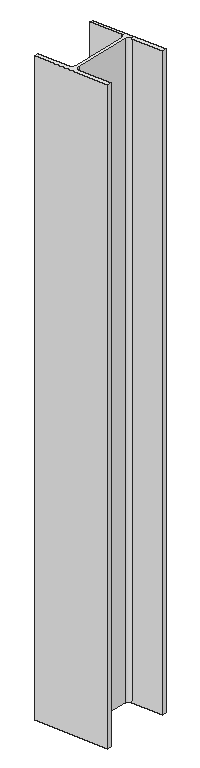
Revit family "HP-내력 파일-기둥", category 구조 기둥, Revit 2026
Family settings
  단면 모양 = 정의되지 않음
  모델 동작 재료 = 스틸
  항상 형상으로 내보내기 = 아니오
  평면의 보 전환 = 경계 상자에서
  로드될 때 보이드를 사용하여 절단 = 아니오
  기호 표현 = 프로젝트 설정에서
  공유 = 아니오
  평면도에서 미리 절단된 패밀리 표시 = 예
Parameters (values of type "HP310x93")
  Assembly Code = ""
  Structural Material [instance] = 금속 - 스틸 - 345 MPa
  A = 0.012 m²
  W = 0.919
  bf = 308 mm
  d = 303 mm
  k = 30 mm
  kr = k - tf  # 16.9 mm
  tf = 13.1 mm
  tw = 13.1 mm
Types (2, lengths in mm): name | A | W | bf | d | k | kr | tf | tw
  HP310x93 | 0.012 m² | 0.919 | 308 | 303 | 30 | 16.9 | 13.1 | 13.1
  HP360x152 | 0.019 m² | 1.49 | 376 | 356 | 35 | 17.1 | 17.9 | 17.9
Reference planes
  plane 1: y = 0
  plane 2: z = 0
  plane 3: x = 0
  plane 4: x = -154
  plane 5: x = 154
  plane 6: y = 151.5
  plane 7: y = -151.5
  plane 8: x = -3.969
  plane 9: x = 3.969
Forms (mm)
  Extrusion 1, solid, material "금속 - 스틸 - 345 MPa" <- "Structural Material", detail levels medium
    sketch origin (0, 0, 0) x (1, 0, 0) y (0, 1, 0)
      loop
        line (-154, 151.5) -> (-154, 138.4) -> (-6.55, 138.4) -> (-6.55, -138.4) -> (-154, -138.4) -> (-154, -151.5) -> (154, -151.5) -> (154, -138.4) -> (6.55, -138.4) -> (6.55, 138.4) -> (154, 138.4) -> (154, 151.5) -> (-154, 151.5)
    from 0 to 2500
  Extrusion 2, solid, material "금속 - 스틸 - 345 MPa" <- "Structural Material", detail levels fine
    sketch origin (0, 0, 0) x (1, 0, 0) y (0, 1, 0)
      loop
        line (-154, 151.5) -> (-154, 138.4) -> (-23.45, 138.4)
        arc (-23.45, 138.4) -> (-11.5, 133.45) -> (-6.55, 121.5) r 16.9
        line (-6.55, 121.5) -> (-6.55, -121.5)
        arc (-6.55, -121.5) -> (-11.5, -133.45) -> (-23.45, -138.4) r 16.9
        line (-23.45, -138.4) -> (-154, -138.4) -> (-154, -151.5) -> (154, -151.5) -> (154, -138.4) -> (23.45, -138.4)
        arc (23.45, -138.4) -> (11.5, -133.45) -> (6.55, -121.5) r 16.9
        line (6.55, -121.5) -> (6.55, 121.5)
        arc (6.55, 121.5) -> (11.5, 133.45) -> (23.45, 138.4) r 16.9
        line (23.45, 138.4) -> (154, 138.4) -> (154, 151.5) -> (-154, 151.5)
    from 0 to 2500
Lines and regions (mm)
  symbolic lines, style "StructuralColumnStickSymbols", detail levels coarse
    curve 1: line (-154, 151.5, 0) -> (154, 151.5, 0)
    curve 2: line (-154, -151.5, 0) -> (154, -151.5, 0)
    curve 3: line (0, 151.5, 0) -> (0, -151.5, 0)
  symbolic lines, style "숨겨진 면", detail levels medium+fine
    curve 4: line (-3.969, 0, 0) -> (-3.969, 0, 2500)
    curve 5: line (3.969, 0, 2500) -> (3.969, 0, 0)
Dimensions and locks
  equal spacing: plane 4, plane 3, plane 5
  equal spacing: plane 7, plane 1, plane 6
  "d": plane 7 to plane 6
  "bf": plane 4 to plane 5
  "tf": plane 7 to Extrusion 1 sketch curve
  "tf": Extrusion 1 sketch curve to plane 6
  equal spacing: Extrusion 1 sketch curve, plane 3, Extrusion 1 sketch curve
  "tw": Extrusion 1 sketch curve to Extrusion 1 sketch curve
  "kr": radius of Extrusion 2 sketch curve  (x4)
  aligned and locked: plane 6 to Extrusion 1 sketch curve
  aligned and locked: Extrusion 1 sketch curve to plane 7
  aligned and locked: Extrusion 1 sketch curve to plane 4  (x2)
  aligned and locked: plane 5 to Extrusion 1 sketch curve  (x2)
  aligned and locked: Extrusion 1 sketch curve to Extrusion 1 sketch curve  (x2)
  aligned and locked: level to Extrusion 1
  aligned and locked: level to plane 2
  aligned and locked: Extrusion 1 to plane 2
  aligned and locked: plane 6 to Extrusion 2 sketch curve
  aligned and locked: plane 5 to Extrusion 2 sketch curve  (x2)
  aligned and locked: Extrusion 2 sketch curve to plane 4  (x2)
  aligned and locked: Extrusion 2 sketch curve to Extrusion 1  (x6)
  aligned and locked: Extrusion 2 sketch curve to plane 7
  aligned and locked: level to Extrusion 2
  aligned and locked: Extrusion 2 to level
Automatic sketch dimensions
  curve 2 to plane 4 = 0 mm
  curve 1 to plane 4 = 0 mm
  curve 3 to plane 3 = 0 mm
  curve 2 to plane 5 = 0 mm
  curve 1 to plane 5 = 0 mm
  curve 3 to plane 7 = 0 mm
  curve 3 to plane 6 = 0 mm
  curve 4 to level = 0 mm  (x2)
  curve 4 to plane 8 = 0 mm
  curve 5 to level = 0 mm  (x2)
  curve 5 to plane 9 = 0 mm
